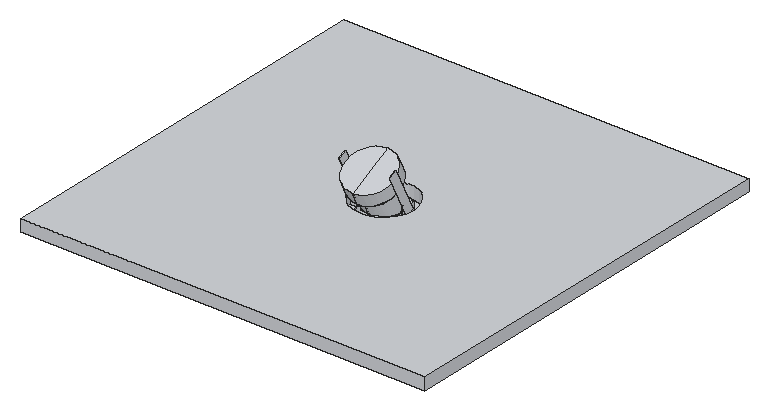
Revit family "Jazz_X100", category Lighting Fixtures, Revit 2014
Parameters (values of type "Jazz X100")
  Wattage Comments = "11.7"
  Wattage = 11.7 W
  built-in parameter 1150110 = 1 (stored number, unit not read)
  Type Comments = "Recessed"
  Type = "Jazz X100"
  built-in parameter 1114217 = 1 (stored number, unit not read)
  built-in parameter 1150109 = 1 (stored number, unit not read)
  built-in parameter 1150134 = (empty or 0)
  built-in parameter 1150113 = 1 (stored number, unit not read)
  O/A Diameter (mm) = "100"
  Model = "Jazz X100"
  Manufacturer = "Designed Architectural Lighting"
  Luminous flux of luminaire (lm) = "1300"
  Lumens = 1298.7 lm
  built-in parameter 1150115 = 1 (stored number, unit not read)
  built-in parameter 1150105 = 103.35 (stored number, unit not read)
  Light Source Symbol Size = 609.6 mm
  built-in parameter 1150137 = (empty or 0)
  built-in parameter 1150139 = (empty or 0)
  built-in parameter 1150112 = 1 (stored number, unit not read)
  built-in parameter 1150114 = 1 (stored number, unit not read)
  Lamp = "LED"
  built-in parameter 1150132 = (empty or 0)
  built-in parameter 1150102 = (empty or 0)
  built-in parameter 1150138 = (empty or 0)
  built-in parameter 1150107 = 3000 (stored number, unit not read)
  built-in parameter 1150106 = 1.0335 (stored number, unit not read)
  Height (mm) = "90"
  built-in parameter 1150104 = 10.312 (stored number, unit not read)
  Dimming Lamp Color Temperature Shift = <None>
  Description = "Recessed adjustable LED downlighter"
  Cut Out (mm) = "90"
  Colour temperature (K) = "2700/3000/3500/4000"
  Color Filter = 16777215
  CRI = "80"
  built-in parameter 1114218 = 1 (stored number, unit not read)
  built-in parameter 1150133 = 10 (stored number, unit not read)
  Apparent Load = 11.7 VA
  Aperture (mm) = "65"
Reference planes
  plane 1 "Light Source Axis (F/B)": y = 0
  plane 2: z = 0
  plane 3 "Light Source Axis (L/R)": x = 0
  plane 4 "Light Source Elevation": z = 0
Forms (mm)
  Extrusion 1, solid
    sketch origin (-38.915, -66.181, 0) x (1, 0, 0) y (0, 1, 0)
      loop
        line (-261.085, 366.181) -> (-261.085, -233.819) -> (338.915, -233.819) -> (338.915, 366.181) -> (-261.085, 366.181)
      loop
        circle (38.915, 66.181) r 45
    from 0 to 18
  Revolve 2, solid
    sketch origin (0, 7.498, -3.369) x (0, 0.898794, 0.438371) y (0, -0.438371, 0.898794)
      loop
        line (36.241, 77.71) -> (0, 77.71) -> (0, 57.777) -> (36.241, 57.777) -> (36.241, 77.71)
      axis (0, 77.71) -> (0, 57.777)
    angle from 0 to 360
  Revolve 3, solid
    sketch origin (0, 0, 0) x (0, 1, 0) y (0, 0, 1)
      loop
        line (50, 0) -> (43.735, 0) -> (43.735, 6.649) -> (37.072, 6.649) -> (37.072, 21.887) -> (35.026, 21.887) -> (35.026, -1.916) -> (41.25, -1.916) -> (41.25, -2.962) -> (50, -2.962) -> (50, 0)
      axis (0, 21.887) -> (0, -2.962)
    angle from 0 to 360
  Revolve 4, solid
    sketch origin (0, 8.15, -3.65) x (0, 0.898794, 0.438371) y (0, -0.438371, 0.898794)
      loop
        arc (-13.039, 51.701) -> (-19.471, 38.967) -> (-23.685, 25.338) r 85.095
        line (-23.685, 25.338) -> (-24.732, 25.338) -> (-24.732, 22.891) -> (-21.991, 22.891)
        arc (-21.991, 22.891) -> (-17.529, 37.705) -> (-10.932, 51.701) r 104.73
        line (-10.932, 51.701) -> (-13.039, 51.701)
      axis (0, 51.701) -> (0, 22.891)
    angle from 0 to 360
  Revolve 5, solid
    sketch origin (0, 0, 0) x (0, 1, 0) y (0, 0, 1)
      loop
        arc (33.654, -1.916) -> (32.315, 4.537) -> (30.024, 10.717) r 43.867
        line (30.024, 10.717) -> (29.121, 10.717)
        arc (29.121, 10.717) -> (31.22, 4.909) -> (32.517, -1.129) r 45.72
        line (32.517, -1.129) -> (32.517, -2.962) -> (40.897, -2.962) -> (40.897, -1.916) -> (33.654, -1.916)
      axis (0, 10.717) -> (0, -2.962)
    angle from 0 to 360
  Revolve 6, solid
    sketch origin (0, 7.397, -3.685) x (0, 0.898794, 0.438371) y (0, -0.438371, 0.898794)
      loop
        line (0, 51.701) -> (20.907, 51.701) -> (20.907, 57.777) -> (0, 57.777) -> (0, 51.701)
      axis (0, 57.777) -> (0, 51.701)
    angle from 0 to 360
  Extrusion 7, void
    sketch origin (0, 0, 0) x (1, 0, 0) y (0, 1, 0)
      loop
        arc (-33.603, 9.882) -> (0, 35.026) -> (33.603, 9.882) r 35.026
        line (33.603, 9.882) -> (43.901, 9.882)
        arc (43.901, 9.882) -> (0, 45.075) -> (-43.901, 9.882) r 44.979
        line (-43.901, 9.882) -> (-33.603, 9.882)
      loop
        line (-33.603, -9.882) -> (-43.901, -9.882)
        arc (-43.901, -9.882) -> (0, -44.8) -> (43.901, -9.882) r 45.057
        line (43.901, -9.882) -> (33.603, -9.882)
        arc (33.603, -9.882) -> (0, -35.026) -> (-33.603, -9.882) r 35.026
    from 0 to 25
  Extrusion 8, solid
    sketch origin (0, 5.885, 1.102) x (1, 0, 0) y (0, 0.898794, 0.438371)
      loop
        line (-36.795, 5.639) -> (-38.064, 5.639) -> (-38.064, -5.789) -> (-36.795, -5.789) -> (-36.795, 5.639)
    from 12.682 to 84.368
  Extrusion 9, solid
    sketch origin (74.854, 5.645, 0.985) x (1, 0, 0) y (0, 0.898794, 0.438371)
      loop
        line (-36.795, 5.639) -> (-38.064, 5.639) -> (-38.064, -5.789) -> (-36.795, -5.789) -> (-36.795, 5.639)
    from 12.682 to 84.368
  Revolve 10, solid
    sketch origin (0, 4.882, 1.149) x (0, 0.898794, 0.438371) y (0, -0.438371, 0.898794)
      loop
        line (25.016, 13.713) -> (22.873, 13.713) -> (22.873, -2.876) -> (24.19, -2.876)
        arc (24.19, -2.876) -> (24.868, -2.595) -> (25.149, -1.916) r 0.959
        line (25.149, -1.916) -> (25.149, 10.912)
        arc (25.149, 10.912) -> (26.058, 11.18) -> (26.745, 11.833) r 2.019
        line (26.745, 11.833) -> (26.745, 40.327) -> (25.016, 40.327) -> (25.016, 13.713)
      axis (0, 40.327) -> (0, -2.876)
    angle from 0 to 360
Cuts and joins
  Extrusion 7 cuts Extrusion 1
  Extrusion 7 cuts Revolve 2
  Extrusion 7 cuts Revolve 3
  Extrusion 7 cuts Revolve 5
Dimensions and locks
  aligned and locked: plane 3 "Light Source Axis (L/R)" to imposter light
  aligned and locked: plane 1 "Light Source Axis (F/B)" to imposter light
  aligned and locked: plane 4 "Light Source Elevation" to imposter light
  aligned and locked: level to plane 2
